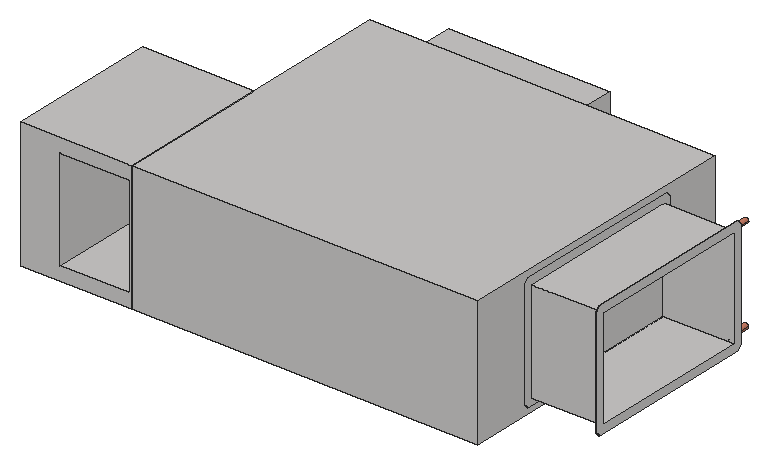
Revit family
Parameters
  Width = 3' - 1"
  Voltage = 208 V
  Unit Weight = if(and(Size Option = 1, Number of Rows = 1), "189.0 lbs", if(and(Size Option = 1, Number of Rows = 2), "192.0 lbs", if(and(Size Option = 2, Number of Rows = 1), "194.0 lbs", if(and(Size Option = 2, Number of Rows = 2), "197.0 lbs", "0"))))  # "194.0 lbs"
  UltraLoc Liner = Choose Liner Option = 3  # no
  URL = "http://www.titus-hvac.com/"
  UL = "181"
  Supply Air Flow [instance] = 0 CFM
  SteriLoc Liner = Choose Liner Option = 2  # no
  Size Option = 2
  Size C = Size Option = 2  # yes
  Size B = Size Option = 1  # no
  Secondary Material = Copper Connectors
  Primary Air Pressure Drop [instance] = 0.00 in-wg
  Primary Air Flow [instance] = 0 CFM
  Pressure [instance] = 0.00 psi
  Plenum Air Pressure Drop [instance] = 0.00 in-wg
  Plenum Air Flow [instance] = 0 CFM
  Outlet Width = 1' - 8 1/2"
  Outlet Height = 1' - 0 1/2"
  Number of Rows = 1
  Number of Poles = 2
  Nominal Width = Width + 0' 6 1/4"  # 3' - 7 1/4"
  Nominal Length = Length + 1' 1 7/8" + 0' 9"  # 5' - 5 7/8"
  Nominal Inlet Size = 0' - 10"
  Nominal Height = 1' - 4"
  NFPA = "90A"
  Motor Full Load Amps [instance] = 1.8 A
  Model = "DTFS-F"
  Min. Air Flow = 0 CFM
  Max. Air Flow = 1400 CFM
  Material = Galvanized Steel
  Manufacturer = "Titus"
  Length = 3' - 7"
  Juction Box Offset = 0' - 4 7/8"
  Inlet Diameter = Nominal Inlet Size - 0' 0 1/8"  # 0' - 9 7/8"
  Induced Air Inlet Width = 1' - 1 7/8"
  Induced Air Inlet Offset = (Height - Induced Air Inlet Connection Height) / 2  # 0' - 1 11/16"
  Induced Air Inlet Height = 1' - 7"
  Induced Air Inlet Connection Width = 0' - 8 3/4"
  Induced Air Inlet Connection Height = 1' - 0 5/8"
  Induced Air Filter = no
  Height = 1' - 4"
  Heating Total Capacity [instance] = 0 Btu/h
  Heating Entering Water Temp = 0 °F
  Half Outlet Connection Width = Outlet Width / 2  # 0' - 10 1/4"
  Half Outlet Connection Height = Outlet Height / 2  # 0' - 6 1/4"
  Half Height Start = -(Height / 2)  # -0' - 8"
  Half Height End = Height / 2  # 0' - 8"
  HWC Option = HWC Section : B-C - 1 Row
  HWC Connector Radius = 5/16"
  HP-Motor = "1/4"
  Gallons Per Minute [instance] = 0 GPM
  Frequency = 60 Hz
  Flange Offset = 0' - 1"
  Filter Size = "11\"x14\""
  Fiber Free Liner = Choose Liner Option = 1  # no
  Fan Disconnect Switch = no
  Duct Radius = Nominal Inlet Size / 2  # 0' - 5"
  Description = "Ultra Quiet Series Fan Powered Terminal Unit, Direct Digital Control, Pressure Independent"
  Connector Vertical Offset = 0' - 11 3/4"
  HWC Connector Length = 0' - 3"
  Connector Horizontal Offset = if(Number of Rows = 1, 0' 0", if(Number of Rows = 2, 0' 1", 0' 0"))  # 0' - 0"
  Connection Void Radius = Connection Radius - 0' 0 1/4"  # 0' - 4 11/16"
  Connection Radius = Inlet Diameter / 2  # 0' - 4 15/16"
  Choose Liner Option = 0
  CADworks URL = "www.CADworks.net"
  Assembly Code = "D3040100"
  Apparent Power [instance] = Voltage * Motor Full Load Amps  # 374.4 VA
  Air Inlet Offset = 0' - 7"
  1/2" Fiberglass Liner = Choose Liner Option = 0  # yes
  1" Fiberglass Liner = Choose Liner Option = 4  # no
Reference planes (in)
  plane 1 "Center (Front/Back)": y = 0
  plane 2: z = 0
  plane 3 "Center (Left/Right)": x = 3
  plane 4: x = -18.5
  plane 5: x = 24.5
  plane 6: x = -13.625
  plane 7: x = -21.875
  plane 8: z = 0
  plane 9: y = -18.5
  plane 10: y = 18.5
  plane 11: y = 11.5
  plane 12: z = 0
  plane 13: x = 33.5
  plane 14: x = 32.5
  plane 15: y = 13.25
  plane 16: y = 10.25
  plane 17: z = 5.875
  plane 18: z = -5.875
  plane 19: x = 32.5
  plane 20: y = 24.75
  plane 21: x = -32.375
  plane 22: z = 8
  plane 23: z = -8
Forms (in)
  Extrusion 1, solid, material "Galvanized Steel" <- "Material"
    sketch origin (0, 0, 0) x (1, 0, 0) y (0, 1, 0)
      loop
        line (-18.5, 18.5) -> (-18.5, -18.5) -> (24.5, -18.5) -> (24.5, 18.5) -> (-18.5, 18.5)
    from -8 <- "Half Height Start" to 8 <- "Half Height End"
  Extrusion 2, solid, material "Galvanized Steel" <- "Material"
    sketch origin (0, 0, 0) x (1, 0, 0) y (0, 1, 0)
      loop
        line (-32.375, 0.5) -> (-32.375, -18.5) -> (-18.5, -18.5) -> (-18.5, 0.5) -> (-32.375, 0.5)
    from -8 <- "Half Height Start" to 8 <- "Half Height End"
  Extrusion 3, void
    sketch origin (0, -18.5, 0) x (1, 0, 0) y (0, 0, -1)
      loop
        line (-18.75, 6.3125) -> (-27.5, 6.3125) -> (-27.5, -6.3125) -> (-18.75, -6.3125) -> (-18.75, 6.3125)
    from 0 to 16
  Extrusion 4, solid, material "Galvanized Steel" <- "Material"
    sketch origin (5, 0, 30) x (1, 0, 0) y (0, 1, 0)
      loop
        line (-18.625, 18.5) -> (1.375, 18.5) -> (1.375, 24.75) -> (-18.625, 24.75) -> (-18.625, 18.5)
    from -36 to -24
  Extrusion 5, solid, material "Galvanized Steel" <- "Material"
    sketch origin (-24.875, -2, 0) x (0, 0, -1) y (0, 1, 0)
      loop
        circle (0, 13.5) r 4.9375
    from 3 to 6.375
  Extrusion 6, void
    sketch origin (-24.875, 0, 0) x (0, 1, 0) y (0, 0, 1)
      loop
        circle (11.5, 0) r 4.6875
    from 3 to 11.25
  Extrusion 7, void, detail levels fine
    sketch origin (33.5, -10.25, 6.25) x (0, 0, 1) y (0, -1, 0)
      loop
        line (-12.5, 0) -> (-12.5, -20.5) -> (0, -20.5) -> (0, 0) -> (-12.5, 0)
    from -0.0625 to 0
  Extrusion 8, solid, material "Copper Connectors" <- "Secondary Material", detail levels fine
    sketch origin (0, 0, 0) x (1, 0, 0) y (0, 0, 1)
      loop
        circle (32.5, 5.875) r 0.3125
    from -13.25 to -10.3125
  Extrusion 9, solid, material "Copper Connectors" <- "Secondary Material", detail levels fine
    sketch origin (0, 0, 0) x (1, 0, 0) y (0, 0, 1)
      loop
        circle (32.5, -5.875) r 0.3125
    from -13.25 to -10.3125
Cuts and joins
  Extrusion 3 cuts Extrusion 2
  Extrusion 6 cuts Extrusion 1
  Extrusion 6 cuts Extrusion 5
Dimensions and locks (in)
  "Length": plane 5 to plane 4
  equal spacing: plane 5, plane 3 "Center (Left/Right)", plane 4
  locked: Extrusion 4 to plane 6 at 0
  locked: Extrusion 4 to Extrusion 4 at 20
  "Juction Box Offset": plane 6 to plane 4
  locked: plane 4 to plane 7 at 3.375
  "Width": plane 9 to plane 10
  equal spacing: plane 9, plane 1 "Center (Front/Back)", plane 10
  locked: Extrusion 5 sketch curve to level at 0
  locked: Extrusion 5 sketch curve to plane 11 at 0
  locked: Extrusion 6 sketch curve to level at 0
  locked: Extrusion 6 sketch curve to plane 11 at 0
  locked: Extrusion 4 to Extrusion 4 at 6.25
  locked: Extrusion 4 to Extrusion 4 at 12
  equal spacing: Extrusion 4, plane 8, Extrusion 4
  "Air Inlet Offset": plane 10 to plane 11
  "Induced Air Inlet Height": cut or joined group of Extrusion 2, Extrusion 3 to cut or joined group of Extrusion 2, Extrusion 3
  locked: cut or joined group of Extrusion 5, Extrusion 6 to cut or joined group of Extrusion 5, Extrusion 6 at 3.375
  "Induced Air Inlet Connection Height": Extrusion 3 sketch curve to Extrusion 3 sketch curve
  "Induced Air Inlet Offset": Extrusion 3 sketch curve to cut or joined group of Extrusion 2, Extrusion 3
  "Induced Air Inlet Connection Width": Extrusion 3 sketch curve to Extrusion 3 sketch curve
  locked: Extrusion 3 sketch curve to cut or joined group of Extrusion 1, Extrusion 6 at 0.25
  locked: plane 5 to plane 13 at 9
  locked: plane 14 to plane 13 at 1
  locked: plane 17 to plane 18 at 11.75
  equal spacing: plane 17, plane 12, plane 18
  "Connector Horizontal Offset": plane 19 to plane 14
  "HWC Connector Length": plane 16 to plane 15
  locked: cut or joined group of Extrusion 2, Extrusion 3 to cut or joined group of Extrusion 2, Extrusion 3 at 16
  equal spacing: cut or joined group of Extrusion 2, Extrusion 3, plane 12, cut or joined group of Extrusion 2, Extrusion 3
  locked: cut or joined group of Extrusion 1, Extrusion 6 to cut or joined group of Extrusion 2, Extrusion 3 at 16
  equal spacing: cut or joined group of Extrusion 1, Extrusion 6, plane 12, cut or joined group of Extrusion 1, Extrusion 6
  locked: cut or joined group of Extrusion 2, Extrusion 3 to cut or joined group of Extrusion 2, Extrusion 3 at 13.875
  locked: nested 1 to cut or joined group of Extrusion 1, Extrusion 6 at 1.6875
  locked: cut or joined group of Extrusion 1, Extrusion 6 to nested 1 at 1.6875
  "Connection Radius": radius of Extrusion 5 sketch curve
  "Connection Void Radius": radius of Extrusion 6 sketch curve
  "HWC Connector Radius": radius of Extrusion 8 sketch curve
  "HWC Connector Radius": radius of Extrusion 9 sketch curve
  aligned and locked: plane 10 to Extrusion 4
  aligned and locked: plane 7 to cut or joined group of Extrusion 5, Extrusion 6
  aligned and locked: plane 9 to cut or joined group of Extrusion 2, Extrusion 3  (x3)
  aligned and locked: nested 1 to Extrusion 8
  aligned and locked: plane 15 to Extrusion 8
  aligned and locked: nested 1 to Extrusion 9
  aligned and locked: plane 15 to Extrusion 9
  aligned and locked: plane 5 to cut or joined group of Extrusion 1, Extrusion 6
  aligned and locked: cut or joined group of Extrusion 1, Extrusion 6 to plane 10
  aligned and locked: plane 9 to cut or joined group of Extrusion 1, Extrusion 6
  aligned and locked: cut or joined group of Extrusion 1, Extrusion 6 to plane 4
  aligned and locked: cut or joined group of Extrusion 1, Extrusion 6 to nested 1
  aligned and locked: cut or joined group of Extrusion 5, Extrusion 6 to cut or joined group of Extrusion 1, Extrusion 6
  aligned and locked: cut or joined group of Extrusion 2, Extrusion 3 to cut or joined group of Extrusion 1, Extrusion 6
  aligned and locked: plane 6 to Extrusion 6
  aligned and locked: Extrusion 6 to plane 7
  aligned and locked: plane 22 to cut or joined group of Extrusion 2, Extrusion 3
  aligned and locked: plane 22 to cut or joined group of Extrusion 1, Extrusion 6
  aligned and locked: plane 23 to cut or joined group of Extrusion 2, Extrusion 3
  aligned and locked: plane 23 to cut or joined group of Extrusion 1, Extrusion 6
  aligned and locked: plane 20 to Extrusion 4
  aligned and locked: plane 21 to cut or joined group of Extrusion 2, Extrusion 3
  aligned and locked: plane 13 to nested 1
Automatic sketch dimensions
  Extrusion 1 sketch curve to plane 4 = 0' - 0"
  Extrusion 1 sketch curve to plane 5 = 0' - 0"
  Extrusion 1 sketch curve to plane 9 = 0' - 0"
  Extrusion 1 sketch curve to plane 10 = 0' - 0"
  Extrusion 2 sketch curve to plane 4 = 0' - 0"
  Extrusion 2 sketch curve to plane 9 = 0' - 0"
  Extrusion 2 sketch curve to plane 1 "Center (Front/Back)" = 0' - 0 1/2"
  Extrusion 4 sketch curve to plane 6 = 0' - 0"
  Extrusion 4 sketch curve to plane 10 = 0' - 0"
  plane 3 "Center (Left/Right)" to Extrusion 4 sketch curve = 0' - 3 3/8"
  Extrusion 4 sketch curve to plane 10 = 0' - 6 1/4"
  Extrusion 2 sketch curve to plane 7 = 0' - 10 1/2"
  Extrusion 7 sketch curve to nested 1 = 0' - 0"  (x4)
  Extrusion 8 sketch curve to plane 17 = 0' - 0"
  Extrusion 8 sketch curve to plane 19 = 0' - 0"
  Extrusion 9 sketch curve to plane 14 = 0' - 0"
  Extrusion 9 sketch curve to plane 18 = 0' - 0"
Nested families (in)
  nested 1: "HWC Section" at (29, 0, 0) x (0, 1, 0) z (0, 0, 1), type <- "HWC Option", type "B-C - 1 Row"
Connectors (in)
  electrical at (-3.625, 24.75, 0), driven by "Apparent Power", driven by "Voltage", driven by "Number of Poles"
    settings: on Extrusion 4, index 8
  hvac at (-21.875, 11.5, 0), driven by "Duct Radius", driven by "Primary Air Pressure Drop", driven by "Primary Air Flow"
    settings: on cut or joined group of Extrusion 5, Extrusion 6, index 9
  hvac at (-23.125, -18.5, 0), driven by "Induced Air Inlet Connection Height", driven by "Induced Air Inlet Connection Width", driven by "Plenum Air Pressure Drop", driven by "Plenum Air Flow"
    settings: on cut or joined group of Extrusion 2, Extrusion 3, index 10
  hvac at (33.5, 0, 0), driven by "Outlet Height", driven by "Outlet Width", driven by "Supply Air Flow"
    settings: on Extrusion 7, index 11
  piping at (32.5, 13.25, 5.875), driven by "Gallons Per Minute", driven by "Pressure", driven by "HWC Connector Radius"
    settings: on Extrusion 8, index 12
  piping at (32.5, 13.25, -5.875), driven by "Gallons Per Minute", driven by "HWC Connector Radius", driven by "Pressure"
    settings: on Extrusion 9, index 13
Definition of nested family "HWC Section"
  Parameters (values of type "B-C - 1 Row")
    Visibility = yes
    Secondary Material = Copper Connectors
    Number of Rows = 1
    Material = Galvanized Steel
    Half Width = HWC Width / 2  # 0' - 10 1/4"
    Half Length-Start = -(HWC Length / 2)  # -0' - 4 1/2"
    Half Length-End = HWC Length / 2  # 0' - 4 1/2"
    HWC Connection Radius = 5/16"
    Flange Offset = 0' - 1"
    Duct Vertical Offset = HWC Height - 0' 0 1/2"  # 1' - 0"
    Duct Horizontal Offset = HWC Width - 0' 0 1/2"  # 1' - 8"
    Connector Vertical Offset = 0' - 11 3/4"
    HWC Width = 1' - 8 1/2"
    HWC Height = 1' - 0 1/2"
    HWC Length = 0' - 9"  # constant formula
    Gallons Per Minute = 0 GPM
    Connector Length = 0' - 3"
    Connector Horizontal Offset = 0' - 0"
  Types (5): name | Number of Rows | Half Width | Flange Offset | Duct Vertical Offset | Duct Horizontal Offset | Connector Vertical Offset | HWC Width | HWC Height | Connector Horizontal Offset
    (no name) | 1 | 0' - 10 1/4" | 0' - 1" | 1' - 0" | 1' - 8" | 0' - 11 3/4" | 1' - 8 1/2" | 1' - 0 1/2" | 0' - 0"
    B-C - 1 Row | 1 | 0' - 10 1/4" | 0' - 1" | 1' - 0" | 1' - 8" | 0' - 11 3/4" | 1' - 8 1/2" | 1' - 0 1/2" | 0' - 0"
    B-C - 2 Row | 2 | 0' - 10 1/4" | 0' - 1" | 1' - 0" | 1' - 8" | 0' - 11 3/4" | 1' - 8 1/2" | 1' - 0 1/2" | 0' - 1"
    D-E - 1 Row | 1 | 1' - 0 1/2" | 0' - 1 1/4" | 1' - 5" | 2' - 0 1/2" | 1' - 4 1/4" | 2' - 1" | 1' - 5 1/2" | 0' - 0"
    D-E - 2 Row | 2 | 1' - 0 1/2" | 0' - 1 1/4" | 1' - 5" | 2' - 0 1/2" | 1' - 4 3/4" | 2' - 1" | 1' - 5 1/2" | 0' - 1"
  Reference planes (in)
    plane 1 "Center (Front/Back)": y = 0
    plane 2: z = 0
    plane 3 "Center (Left/Right)": x = 0
    plane 4: x = -10.25
    plane 5: x = 10.25
    plane 6: y = 4.5
    plane 7: y = -4.5
    plane 8: z = 6.25
    plane 9: z = -6.25
    plane 10: z = 5.875
    plane 11: z = -5.875
    plane 12: y = 3.5
    plane 13: y = 3.5
    plane 14: x = 13.25
  Forms (in)
    Extrusion 1, solid, material "Galvanized Steel" <- "Material", visible <- "Visibility"
      sketch origin (0, 0, 0) x (1, 0, 0) y (0, 0, 1)
        loop
          line (-10.3125, 6.3125) -> (-10.3125, -6.3125) -> (10.3125, -6.3125) -> (10.3125, 6.3125) -> (-10.3125, 6.3125)
      from -4.375 <- "Half Length-Start" to 4.5 <- "Half Length-End"
    Extrusion 2, void, detail levels fine
      sketch origin (0, 0, 0) x (1, 0, 0) y (0, 0, 1)
        loop
          line (-10.25, -6.25) -> (10.25, -6.25) -> (10.25, 6.25) -> (-10.25, 6.25) -> (-10.25, -6.25)
      from -4.5 <- "Half Length-Start" to 4.5 <- "Half Length-End"
    Extrusion 3, solid, material "Copper Connectors" <- "Secondary Material", visible <- "Visibility"
      sketch origin (6, 2.625, 0) x (0, 1, 0) y (0, 0, 1)
        loop
          circle (0.875, -5.875) r 0.3125
      from 4.3125 to 7.25
    Extrusion 4, solid, material "Galvanized Steel" <- "Material", visible <- "Visibility"
      sketch origin (0, -4.375, 0) x (1, 0, 0) y (0, 0, 1)
        loop
          line (-10.25, 6.25) -> (-10.25, -6.25) -> (10.25, -6.25) -> (10.25, 6.25) -> (-10.25, 6.25)
        loop
          line (-11.25, 6.75) -> (-11.25, -6.75) -> (-10.75, -7.25) -> (10.75, -7.25) -> (11.25, -6.75) -> (11.25, 6.75) -> (10.75, 7.25) -> (-10.75, 7.25) -> (-11.25, 6.75)
      from 0 to 0.125
    Extrusion 5, solid, material "Copper Connectors" <- "Secondary Material", visible <- "Visibility"
      sketch origin (6, -0.5, 0) x (0, 1, 0) y (0, 0, 1)
        loop
          circle (4, 5.875) r 0.3125
      from 4.3125 to 7.25
    Extrusion 6, solid, material "Galvanized Steel" <- "Material", visible <- "Visibility"
      sketch origin (0, 4.375, 0) x (1, 0, 0) y (0, 0, -1)
        loop
          line (-10.25, -6.25) -> (10.25, -6.25) -> (10.25, 6.25) -> (-10.25, 6.25) -> (-10.25, -6.25)
        loop
          line (-11.25, -6.75) -> (-10.75, -7.25) -> (10.75, -7.25) -> (11.25, -6.75) -> (11.25, 6.75) -> (10.75, 7.25) -> (-10.75, 7.25) -> (-11.25, 6.75) -> (-11.25, -6.75)
      from 0 to 0.125
  Cuts and joins
    Extrusion 2 cuts Extrusion 1
    joined: Extrusion 1, Extrusion 4, Extrusion 6
  Dimensions and locks (in)
    "HWC Width": plane 4 to plane 5
    equal spacing: plane 4, plane 3 "Center (Left/Right)", plane 5
    "HWC Height": plane 8 to plane 9
    equal spacing: plane 8, plane 2, plane 9
    equal spacing: plane 10, plane 2, plane 11
    locked: plane 12 to plane 6 at 1
    "Connector Horizontal Offset": plane 13 to plane 12
    locked: plane 7 to Extrusion 4 at 0.125
    locked: Extrusion 6 to plane 6 at 0.125
    locked: plane 4 to Extrusion 1 sketch curve at 0.0625
    locked: Extrusion 4 to Extrusion 1 sketch curve at 0.0625
    locked: Extrusion 1 sketch curve to plane 8 at 0.0625
    locked: plane 9 to Extrusion 1 sketch curve at 0.0625
    "Connector Length": plane 5 to plane 14
    "HWC Length": plane 6 to plane 7
    equal spacing: plane 6, plane 1 "Center (Front/Back)", plane 7
    "Connector Vertical Offset": plane 10 to plane 11
    equal spacing: plane 10, level, plane 11
    "HWC Width": Extrusion 4 sketch curve to Extrusion 4 sketch curve
    equal spacing: Extrusion 4 sketch curve, plane 3 "Center (Left/Right)", Extrusion 4 sketch curve
    "HWC Height": Extrusion 4 sketch curve to Extrusion 4 sketch curve
    equal spacing: Extrusion 4 sketch curve, plane 2, Extrusion 4 sketch curve
    "Flange Offset": cut or joined group of Extrusion 1, Extrusion 2, Extrusion 4, Extrusion 6 to plane 8
    "Flange Offset": plane 9 to cut or joined group of Extrusion 1, Extrusion 2, Extrusion 4, Extrusion 6
    locked: cut or joined group of Extrusion 1, Extrusion 2, Extrusion 4, Extrusion 6 to plane 4 at 1  (x2)
    locked: cut or joined group of Extrusion 1, Extrusion 2, Extrusion 4, Extrusion 6 to plane 5 at 1  (x2)
    "HWC Width": Extrusion 6 sketch curve to Extrusion 6 sketch curve
    "HWC Height": Extrusion 6 sketch curve to Extrusion 6 sketch curve
    equal spacing: Extrusion 6 sketch curve, plane 3 "Center (Left/Right)", Extrusion 6 sketch curve
    equal spacing: Extrusion 6 sketch curve, plane 2, Extrusion 6 sketch curve
    "HWC Height": Extrusion 2 sketch curve to Extrusion 2 sketch curve
    "HWC Width": Extrusion 2 sketch curve to Extrusion 2 sketch curve
    equal spacing: Extrusion 2 sketch curve, plane 3 "Center (Left/Right)", Extrusion 2 sketch curve
    equal spacing: Extrusion 2 sketch curve, plane 2, Extrusion 2 sketch curve
    locked: plane 5 to Extrusion 3 at 0.0625
    locked: plane 5 to Extrusion 5 at 0.0625
    "Flange Offset": Extrusion 6 sketch curve to plane 8  (x2)
    "Flange Offset": plane 9 to Extrusion 6 sketch curve  (x2)
    "HWC Connection Radius": radius of Extrusion 3 sketch curve
    "HWC Connection Radius": radius of Extrusion 5 sketch curve
    aligned and locked: plane 7 to Extrusion 4
    aligned and locked: plane 6 to Extrusion 6
    aligned and locked: plane 14 to Extrusion 5
    aligned and locked: plane 14 to Extrusion 3
    aligned and locked: Extrusion 6 to cut or joined group of Extrusion 1, Extrusion 2, Extrusion 4, Extrusion 6
    aligned and locked: Extrusion 4 to Extrusion 4
  Automatic sketch dimensions
    Extrusion 3 sketch curve to plane 11 = 0' - 0"
    Extrusion 3 sketch curve to plane 12 = 0' - 0"
    plane 4 to Extrusion 4 sketch curve = 0' - 1"
    plane 4 to Extrusion 4 sketch curve = 0' - 0 1/2"  (x2)
    Extrusion 4 sketch curve to plane 5 = 0' - 0 1/2"  (x2)
    Extrusion 4 sketch curve to Extrusion 4 sketch curve = 0' - 0 1/2"  (x3)
    Extrusion 4 sketch curve to plane 9 = 0' - 0 1/2"  (x2)
    plane 8 to Extrusion 4 sketch curve = 0' - 0 1/2"  (x2)
    Extrusion 5 sketch curve to plane 10 = 0' - 0"
    Extrusion 5 sketch curve to plane 13 = 0' - 0"
    plane 4 to Extrusion 6 sketch curve = 0' - 1"
    plane 4 to Extrusion 6 sketch curve = 0' - 0 1/2"  (x2)
    Extrusion 6 sketch curve to plane 5 = 0' - 0 1/2"  (x2)
    Extrusion 6 sketch curve to Extrusion 6 sketch curve = 0' - 0 1/2"  (x2)
    plane 8 to Extrusion 6 sketch curve = 0' - 0 1/2"  (x2)
    Extrusion 6 sketch curve to plane 9 = 0' - 0 1/2"
